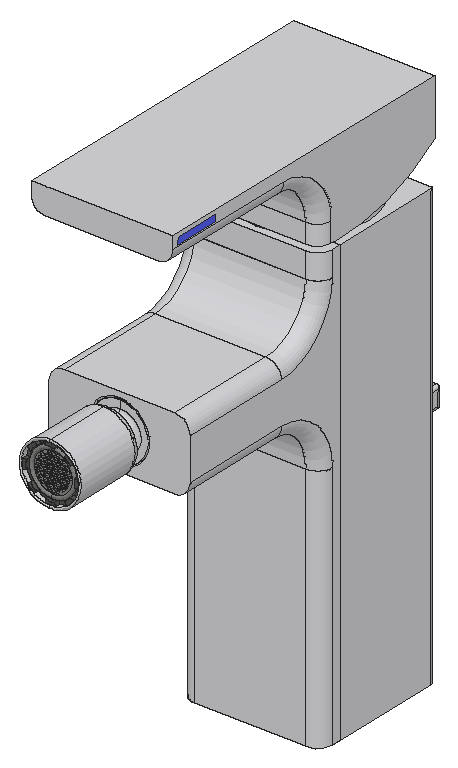
Revit family "Faucet-Bidet-KOHLER-STRAYT-98338D_1", category Plumbing Fixtures, host Face, Revit 2017
Family settings
  Host = Face
  Round Connector Dimension = Use Diameter
  Part Type = Normal
  OmniClass Number = 23.31.11.00
  OmniClass Title = Faucets
  Cut with Voids When Loaded = No
  Shared = No
  Room Calculation Point = No
Parameters (values of type "CP-Polished Chrome")
  Width = 1.81102"  # constant formula
  WaterSense Certified = 1 = 0  # no
  Waste Water Outlet = "Waste Water Outlet"  # constant formula
  Waste Connection = 1 = 0  # no
  Vent Connection = 1 = 0  # no
  URL = "https://www.kohler.co.uk/"
  Type = 1
  Spout Reach = 4.09449"  # constant formula
  Product Page URL = ""
  Product Name = "STRAYT"  # constant formula
  Product Documentation Link = ""
  Pressure = 60.00 psi  # constant formula
  Model = "98338D-CP"  # constant formula
  Material = "Brass Construction"  # constant formula
  Master Format 2014 Name = "Residential Faucets, Supplies, and Trim"  # constant formula
  Master Format 2014 = "22 41 39"  # constant formula
  Manufacturer Address = "Cromwell Road, Cheltenham, Gloucestershire. GL52 5EP Registered in England No. 252115"  # constant formula
  Manufacturer = "KOHLER Co."  # constant formula
  Length = Spout Reach  # 4.09449"
  Hot Water Inlet = "Hot Water Inlet"  # constant formula
  Height = 6.9685"  # constant formula
  Handle Clearance = 3.26772"  # constant formula
  HW Connection = 1 = 1  # yes
  Flow Rate = 1.5 GPM  # constant formula
  Finish = Kohler-Metal-CP-Polished_Chrome
  Environmental Product Declaration = ""
  Drain Included = 1 = 1  # yes
  Description = "BIDET SC MIXER WITH DRAIN, CHROME"  # constant formula
  Default Elevation = 36"
  Declare Label = ""
  Date Modified = "07/12/2021"  # constant formula
  Date Created = "07/12/2021"  # constant formula
  Copyright = "Copyright KOHLER Co."  # constant formula
  Contact Us = "https://www.kohler.co.uk/support/contact/"
  Cold Water Inlet = "Cold Water Inlet"  # constant formula
  CW Connection = 1 = 1  # yes
  Assembly Code = "D2010"
  ADA Compliant = 1 = 0  # no
Reference planes (in)
  plane 1 "Center (Front/Back)": y = 0
  plane 2: z = 0
  plane 3 "Center (Left/Right)": x = 0
  plane 4: x = -0.90551
  plane 5: x = 0.90551
  plane 6: x = 0.39453
  plane 7: x = -0.39453
  plane 8: y = -0.90551
  plane 9: y = 0.90551
  plane 10: z = 6.9685
  plane 11: y = 1.97326
  plane 12: z = 2.68261
  plane 13: y = -3.26772
  plane 14: y = -4.09449
  plane 15: z = 4.29134
  plane 16: x = 0.39453
  plane 17: x = -0.39453
Dimensions and locks (in)
  "Width": plane 4 to plane 5
  plane 9 to plane 8 = 1.81102"
  "Spout Reach": plane 1 "Center (Front/Back)" to plane 14
  "Handle Clearance": plane 1 "Center (Front/Back)" to plane 13
  "Height": plane 10 to level
  "Length": plane 14 to plane 1 "Center (Front/Back)"
  plane 12 to level = 2.68261"
  level to plane 15 = 4.29134"
  plane 1 "Center (Front/Back)" to plane 11 = 1.97326"
  aligned and locked: plane 2 to host face
  aligned and locked: level to host face
  aligned and locked: level to nested 1
Automatic sketch dimensions
  host sketch curve to host sketch curve = 96"  (x2)
Nested families (in)
  nested 1: "98338D" at (0, 0, 0), type "98338D"
Connectors (in)
  piping at (-0.39453, 0, 0), diameter 0.375, driven by "Pressure", driven by "HW Connection", driven by "Hot Water Inlet", driven by "Flow Rate"
    settings: on nested 1, index 1, connector inside diameter 24", connector length 0", flow factor 0, pipe flow 1.5 GPM, pressure drop 60.00 psi, fitting loss kfactor 0, connector angle 0.00°, fixture units 0, engagement length 0", angle of deflection 0.00°, flow configuration 1, flow direction 1, fitting loss method 4, system type 19, joint type 0, gender type 0, connector reference index -1, connector utility 1, adjustable connector no, is connector primary yes, connector description "Hot Water Inlet"
  piping at (0.39453, 0, 0), diameter 0.375, driven by "Flow Rate", driven by "Pressure", driven by "CW Connection", driven by "Cold Water Inlet"
    settings: on nested 1, index 2, connector inside diameter 24", connector length 0", flow factor 0, pipe flow 1.5 GPM, pressure drop 60.00 psi, fitting loss kfactor 0, connector angle 0.00°, fixture units 0, engagement length 0", angle of deflection 0.00°, flow configuration 1, flow direction 1, fitting loss method 4, system type 20, joint type 0, gender type 0, connector reference index -1, connector utility 1, adjustable connector no, is connector primary no, connector description "Cold Water Inlet"
Definition of nested family "98338D"
  Parameters (values of type "98338D")
    Material = none
  Reference planes (in)
    plane 1 "Center (Front/Back)": y = 0
    plane 2: z = 0
    plane 3 "Center (Left/Right)": x = 0
    plane 4: y = -4.64567
    plane 5: z = 6.9685
    plane 6: z = 4.29134
    plane 7: y = -4.09449
    plane 8: x = -0.39453
    plane 9: x = 0.39453
    plane 10: y = -3.26772
    plane 11: x = -0.90551
    plane 12: x = 0.90551
    plane 13: y = 0.90551
    plane 14: y = -0.90551
    plane 15: x = -0.66929
    plane 16: x = 0.66929
    plane 17: y = 1.65141
    plane 18: z = 4.05918
    plane 19: y = 1.97326
    plane 20: z = 0
  Forms (in)
    Extrusion 1, solid, material <- "Material", detail levels medium+fine
      sketch origin (0, 0, 0) x (1, 0, 0) y (0, 0, 1)
        loop
          line (-0.90551, 4.43311) -> (-0.90551, 4.1314) -> (0.90551, 4.1314) -> (0.90551, 4.43311) -> (-0.90551, 4.43311)
      from 0.59301 to 2.99213
    Sweep 2, solid, material <- "Material", detail levels medium+fine
      path origin (0, 0, 0) x (0, 1, 0) y (0, 0, 1)
        loop
          line (-2.99213, 3.8189) -> (-1.53481, 3.8189)
          arc (-1.53481, 3.8189) -> (-1.08983, 3.63458) -> (-0.90551, 3.1896) r 0.6293
          line (-0.90551, 3.1896) -> (-0.90551, 0)
      profile origin (0, -2.99213, 3.8189) x (0, 0, 1) y (1, 0, 0)
        loop
          line (0, 0.7102) -> (0, -0.70865)
          arc (0, -0.70865) -> (0.05766, -0.84785) -> (0.19686, -0.90551) r 0.19686
          line (0.19686, -0.90551) -> (0.3125, -0.90551) -> (0.3125, 0.90551) -> (0.19531, 0.90551)
          arc (0.19531, 0.90551) -> (0.05721, 0.84831) -> (0, 0.7102) r 0.19531
    Extrusion 3, solid, material <- "Material", detail levels medium+fine
      sketch origin (0, 0, 0) x (0, 1, 0) y (0, 0, 1)
        loop
          arc (-1.53481, 4.1314) -> (-0.86886, 3.85555) -> (-0.59301, 3.1896) r 0.9418
          line (-0.59301, 3.1896) -> (-0.59301, 4.1314) -> (-1.53481, 4.1314)
      from -0.90551 to 0.90551
    Sweep 4, solid, material <- "Material", detail levels medium+fine
      path origin (0, 0, 0) x (0, 1, 0) y (0, 0, 1)
        loop
          line (-0.90551, 5.68897) -> (-0.90551, 5.37285)
          arc (-0.90551, 5.37285) -> (-1.08967, 4.92825) -> (-1.53427, 4.74409) r 0.62875
          line (-1.53427, 4.74409) -> (-2.99213, 4.74409)
      profile origin (0, -2.99213, 4.74409) x (0, 0, -1) y (1, 0, 0)
        loop
          line (0, 0.7102) -> (0, -0.70875)
          arc (0, -0.70875) -> (0.05763, -0.84788) -> (0.19677, -0.90551) r 0.19677
          line (0.19677, -0.90551) -> (0.31099, -0.90551) -> (0.31099, 0.90551) -> (0.19531, 0.90551)
          arc (0.19531, 0.90551) -> (0.05721, 0.84831) -> (0, 0.7102) r 0.19531
    Extrusion 5, solid, material <- "Material", detail levels medium+fine
      sketch origin (0, 0, 0) x (0, 1, 0) y (0, 0, 1)
        loop
          arc (-0.59453, 5.37285) -> (-0.86977, 4.70835) -> (-1.53427, 4.43311) r 0.93974
          line (-1.53427, 4.43311) -> (-0.59453, 4.43311) -> (-0.59453, 5.37285)
      from -0.90551 to 0.90551
    Revolve 6, solid, material <- "Material"
      sketch origin (0, 0, 0) x (0, 1, 0) y (0, 0, 1)
        loop
          line (0.00002, 5.68897) -> (0.80709, 5.68897) -> (0.80709, 5.76756)
          arc (0.80709, 5.76756) -> (0.78207, 5.96101) -> (0.70866, 6.14173) r 0.76042
          line (0.70866, 6.14173) -> (0.00002, 6.14173) -> (0.00002, 5.68897)
        axis (0.00002, 5.68897) -> (0.00002, 6.14173)
      angle from 0 to 360
    Extrusion 7, solid, material <- "Material", detail levels medium+fine
      sketch origin (0, 0, 0) x (0, 1, 0) y (0, 0, 1)
        loop
          line (0.92333, 6.9685) -> (-3.27062, 6.9685) -> (-3.27062, 6.87405) -> (-1.51083, 6.87405)
          arc (-1.51083, 6.87405) -> (-0.91432, 6.62697) -> (-0.66724, 6.03046) r 0.84359
          line (-0.66724, 6.03046) -> (-0.66724, 5.77559)
          arc (-0.66724, 5.77559) -> (0.16034, 5.87182) -> (0.90894, 6.23755) r 2.47169
          arc (0.90894, 6.23755) -> (0.91952, 6.24985) -> (0.92333, 6.26563) r 0.0346
          line (0.92333, 6.26563) -> (0.92333, 6.9685)
      from -0.90551 to 0.90551
    Sweep 8, solid, material <- "Material", detail levels medium+fine
      path origin (0, 0, 0) x (0, 1, 0) y (0, 0, 1)
        loop
          line (-3.27062, 6.62421) -> (-1.51083, 6.62421)
          arc (-1.51083, 6.62421) -> (-1.09099, 6.45031) -> (-0.91708, 6.03046) r 0.59375
          line (-0.91708, 6.03046) -> (-0.91708, 5.77559)
      profile origin (0, -3.27062, 6.62421) x (0, 0, 1) y (1, 0, 0)
        loop
          line (0.18491, -0.90551) -> (0.24984, -0.90551) -> (0.24984, 0.90551) -> (0.18359, 0.90551)
          arc (0.18359, 0.90551) -> (0.05377, 0.85174) -> (0, 0.72192) r 0.18359
          line (0, 0.72192) -> (0, -0.7206)
          arc (0, -0.7206) -> (0.05416, -0.85135) -> (0.18491, -0.90551) r 0.18491
    Extrusion 9, solid, detail levels medium+fine
      sketch origin (0, 0, 0) x (0, 1, 0) y (0, 0, 1)
        loop
          line (-3.18809, 6.91405) -> (-3.18878, 6.83405) -> (-2.59809, 6.83405) -> (-2.59809, 6.91405) -> (-3.18809, 6.91405)
      from -0.85655 to -0.90551
    Extrusion 10, solid, detail levels medium+fine
      sketch origin (1.69492, 0, 0) x (0, 1, 0) y (0, 0, 1)
        loop
          line (-3.18809, 6.91405) -> (-3.18878, 6.83405) -> (-2.59809, 6.83405) -> (-2.59809, 6.91405) -> (-3.18809, 6.91405)
      from -0.83535 to -0.78941
    Extrusion 11, void
      sketch origin (0, 0, 0) x (0, 1, 0) y (0, 0, 1)
        loop
          line (-3.18809, 6.91405) -> (-3.18878, 6.83405) -> (-2.59809, 6.83405) -> (-2.59809, 6.91405) -> (-3.18809, 6.91405)
      from -0.93874 to -0.85655
    Extrusion 12, solid, material <- "Material", detail levels medium+fine
      sketch origin (0, 0, 0) x (1, 0, 0) y (0, 1, 0)
        loop
          circle (-0.39453, 0) r 0.23622
        loop
          circle (0.39453, 0) r 0.23622
      from 0 to 0.04179
    Extrusion 13, solid, material <- "Material", detail levels medium+fine
      sketch origin (0, 0, 0) x (1, 0, 0) y (0, 1, 0)
        loop
          line (0.86625, 0.90551) -> (-0.86645, 0.90551)
          arc (-0.86645, 0.90551) -> (-0.89407, 0.89407) -> (-0.90551, 0.86645) r 0.03906
          line (-0.90551, 0.86645) -> (-0.90551, -0.70916)
          arc (-0.90551, -0.70916) -> (-0.848, -0.848) -> (-0.70916, -0.90551) r 0.19635
          line (-0.70916, -0.90551) -> (0.7102, -0.90551)
          arc (0.7102, -0.90551) -> (0.84831, -0.84831) -> (0.90551, -0.7102) r 0.19531
          line (0.90551, -0.7102) -> (0.90551, 0.86625)
          arc (0.90551, 0.86625) -> (0.89401, 0.89401) -> (0.86625, 0.90551) r 0.03926
      from 0 to 5.68897
    Sweep 14, solid, material <- "Material"
      path origin (0, 0, 0) x (0, 1, 0) y (0, 0, 1)
        loop
          line (1.21191, 2.64324) -> (1.05288, 2.26858) -> (1.23408, 2.19167) -> (1.32213, 2.39909)
          arc (1.32213, 2.39909) -> (1.35074, 2.4335) -> (1.39359, 2.44639) r 0.07763
          line (1.39359, 2.44639) -> (1.93389, 2.44639) -> (1.93389, 2.64324) -> (1.21191, 2.64324)
      profile origin (0, 1.5729, 2.64324) x (0, 0, 1) y (1, 0, 0)
        loop
          line (0, 0.13778) -> (0, -0.13779)
          arc (0, -0.13779) -> (0.02783, -0.12639) -> (0.03937, -0.09862) r 0.03918
          line (0.03937, -0.09862) -> (0.03937, 0.09947)
          arc (0.03937, 0.09947) -> (0.02777, 0.12694) -> (0, 0.13778) r 0.03833
    Extrusion 15, solid, material <- "Material"
      sketch origin (0, 0, 0) x (0, 1, 0) y (0, 0, 1)
        loop
          line (1.93389, 2.64324) -> (1.21191, 2.64324) -> (1.05288, 2.26858) -> (1.23408, 2.19167) -> (1.32213, 2.39909)
          arc (1.32213, 2.39909) -> (1.35074, 2.4335) -> (1.39359, 2.44639) r 0.07763
          line (1.39359, 2.44639) -> (1.93389, 2.44639) -> (1.93389, 2.64324)
      from -0.13779 to 0.13778
    Revolve 16, solid, material <- "Material"
      sketch origin (0, 0, 0) x (0, 1, 0) y (0, 0, 1)
        loop
          line (1.2069, 2.20321) -> (1.14348, 2.23013) -> (0.56, 0.85553) -> (0.62342, 0.82861) -> (1.2069, 2.20321)
        axis (1.14348, 2.23013) -> (0.56, 0.85553)
      angle from 0 to 360
    Revolve 17, void
      sketch origin (0, 0, 0) x (0, 1, 0) y (0, 0, 1)
        loop
          line (1.22801, 2.15148) -> (1.1281, 2.19389) -> (0.54462, 0.81929) -> (0.64453, 0.77688) -> (1.22801, 2.15148)
        axis (1.1281, 2.19389) -> (0.54462, 0.81929)
      angle from 0 to 360
    Extrusion 18, void
      sketch origin (0, 0, 0) x (0, 1, 0) y (0, 0, -1)
        loop
          line (-3.18809, -6.91405) -> (-2.59809, -6.91405) -> (-2.59809, -6.83405) -> (-3.18878, -6.83405) -> (-3.18809, -6.91405)
      from -0.93045 to -0.85957
    Extrusion 19, void
      sketch origin (0, 0, 0) x (1, 0, 0) y (0, 0, 1)
        loop
          circle (0, 6.48406) r 0.22057
        loop
          circle (0, 6.48406) r 0.20365
      from -1.23952 to -0.67602
    Revolve 20, solid, material <- "Material", detail levels medium+fine
      sketch origin (0, 0.61417, 0.54134) x (0, 1, 0) y (0, 0, 1)
        loop
          arc (-4.71365, 4.13375) -> (-4.72514, 4.12225) -> (-4.71365, 4.11076) r 0.01149
          line (-4.71365, 4.11076) -> (-4.56731, 4.11076) -> (-4.56731, 3.74016) -> (-3.53937, 3.74016) -> (-3.53937, 4.10433) -> (-3.60236, 4.10433) -> (-3.60236, 4.0052)
          arc (-3.60236, 4.0052) -> (-3.62523, 3.95001) -> (-3.68043, 3.92714) r 0.07806
          line (-3.68043, 3.92714) -> (-3.77953, 3.92714) -> (-3.77953, 4.05606)
          arc (-3.77953, 4.05606) -> (-3.80228, 4.11099) -> (-3.85721, 4.13375) r 0.07769
          line (-3.85721, 4.13375) -> (-4.71365, 4.13375)
        axis (-3.53937, 3.74016) -> (-4.71365, 3.74016)
      angle from 0 to 360
    Revolve 21, solid, detail levels medium+fine
      sketch origin (0, 0.61417, 0.54134) x (0, 1, 0) y (0, 0, 1)
        loop
          line (-4.56731, 3.74016) -> (-4.56731, 4.04293) -> (-4.66774, 4.04293)
          arc (-4.66774, 4.04293) -> (-4.69119, 4.01735) -> (-4.66368, 3.9962) r 0.02354
          line (-4.66368, 3.9962) -> (-4.66368, 3.74016) -> (-4.56731, 3.74016)
        axis (-4.66774, 3.74016) -> (-4.56731, 3.74016)
      angle from 0 to 360
    Extrusion 22, void
      sketch origin (0, 0.61417, 0.54134) x (1, 0, 0) y (0, 0, 1)
        loop
          circle (0, 3.74016) r 0.02362
        loop
          circle (0.05512, 3.74016) r 0.02362
        loop
          circle (0.11024, 3.74016) r 0.02362
        loop
          circle (0.16535, 3.74016) r 0.02362
        loop
          circle (0.22047, 3.74016) r 0.02362
        loop
          circle (-0.05512, 3.74016) r 0.02362
        loop
          circle (-0.11024, 3.74016) r 0.02362
        loop
          circle (-0.16535, 3.74016) r 0.02362
        loop
          circle (-0.22047, 3.74016) r 0.02362
        loop
          circle (0.02362, 3.79528) r 0.02362
        loop
          circle (0.07874, 3.79528) r 0.02362
        loop
          circle (0.13386, 3.79528) r 0.02362
        loop
          circle (0.18898, 3.79528) r 0.02362
        loop
          circle (-0.0315, 3.79528) r 0.02362
        loop
          circle (-0.08661, 3.79528) r 0.02362
        loop
          circle (-0.14173, 3.79528) r 0.02362
        loop
          circle (-0.19685, 3.79528) r 0.02362
        loop
          circle (0, 3.84646) r 0.02362
        loop
          circle (0.05512, 3.84646) r 0.02362
        loop
          circle (0.11024, 3.84646) r 0.02362
        loop
          circle (0.16535, 3.84646) r 0.02362
        loop
          circle (-0.05512, 3.84646) r 0.02362
        loop
          circle (-0.11024, 3.84646) r 0.02362
        loop
          circle (-0.16535, 3.84646) r 0.02362
        loop
          circle (0.02362, 3.90157) r 0.02362
        loop
          circle (0.07874, 3.90157) r 0.02362
        loop
          circle (0.13386, 3.90157) r 0.02362
        loop
          circle (-0.0315, 3.90157) r 0.02362
        loop
          circle (-0.08661, 3.90157) r 0.02362
        loop
          circle (-0.14173, 3.90157) r 0.02362
        loop
          circle (0.02362, 3.68504) r 0.02362
        loop
          circle (0.07874, 3.68504) r 0.02362
        loop
          circle (0.13386, 3.68504) r 0.02362
        loop
          circle (0.18898, 3.68504) r 0.02362
        loop
          circle (-0.0315, 3.68504) r 0.02362
        loop
          circle (-0.08661, 3.68504) r 0.02362
        loop
          circle (-0.14173, 3.68504) r 0.02362
        loop
          circle (-0.19685, 3.68504) r 0.02362
        loop
          circle (0, 3.63386) r 0.02362
        loop
          circle (0.05512, 3.63386) r 0.02362
        loop
          circle (0.11024, 3.63386) r 0.02362
        loop
          circle (0.16535, 3.63386) r 0.02362
        loop
          circle (-0.05512, 3.63386) r 0.02362
        loop
          circle (-0.11024, 3.63386) r 0.02362
        loop
          circle (-0.16535, 3.63386) r 0.02362
        loop
          circle (0.02362, 3.57874) r 0.02362
        loop
          circle (0.07874, 3.57874) r 0.02362
        loop
          circle (0.13386, 3.57874) r 0.02362
        loop
          circle (-0.0315, 3.57874) r 0.02362
        loop
          circle (-0.08661, 3.57874) r 0.02362
        loop
          circle (-0.14173, 3.57874) r 0.02362
        loop
          circle (0, 3.95276) r 0.02362
        loop
          circle (0.05512, 3.95276) r 0.02362
        loop
          circle (-0.05512, 3.95276) r 0.02362
        loop
          circle (0, 3.52756) r 0.02362
        loop
          circle (0.05512, 3.52756) r 0.02362
        loop
          circle (-0.05512, 3.52756) r 0.02362
      from 4.55049 to 4.72441
    Extrusion 23, void
      sketch origin (0, 0.61417, 0.54134) x (1, 0, 0) y (0, 0, 1)
        loop
          line (-0.05467, 4.05023) -> (-0.06231, 4.09354)
          arc (-0.06231, 4.09354) -> (-0.13732, 4.07168) -> (-0.20582, 4.0341) r 0.35884
          line (-0.20582, 4.0341) -> (-0.18059, 3.99807)
          arc (-0.18059, 3.99807) -> (-0.12049, 4.03104) -> (-0.05467, 4.05023) r 0.31485
        loop
          line (0.06231, 4.09354) -> (0.05467, 4.05023)
          arc (0.05467, 4.05023) -> (0.12049, 4.03104) -> (0.18059, 3.99807) r 0.31485
          line (0.18059, 3.99807) -> (0.20582, 4.0341)
          arc (0.20582, 4.0341) -> (0.13732, 4.07168) -> (0.06231, 4.09354) r 0.35884
        loop
          line (-0.35339, 3.80247) -> (-0.31007, 3.79483)
          arc (-0.31007, 3.79483) -> (-0.29089, 3.86065) -> (-0.25791, 3.92075) r 0.31485
          line (-0.25791, 3.92075) -> (-0.29394, 3.94598)
          arc (-0.29394, 3.94598) -> (-0.33152, 3.87748) -> (-0.35339, 3.80247) r 0.35884
        loop
          line (-0.31007, 3.68548) -> (-0.35339, 3.67785)
          arc (-0.35339, 3.67785) -> (-0.33152, 3.60284) -> (-0.29394, 3.53434) r 0.35884
          line (-0.29394, 3.53434) -> (-0.25791, 3.55957)
          arc (-0.25791, 3.55957) -> (-0.29089, 3.61967) -> (-0.31007, 3.68548) r 0.31485
        loop
          line (0.31007, 3.79483) -> (0.35339, 3.80247)
          arc (0.35339, 3.80247) -> (0.33152, 3.87748) -> (0.29394, 3.94598) r 0.35884
          line (0.29394, 3.94598) -> (0.25791, 3.92075)
          arc (0.25791, 3.92075) -> (0.29089, 3.86065) -> (0.31007, 3.79483) r 0.31485
        loop
          line (0.35339, 3.67785) -> (0.31007, 3.68548)
          arc (0.31007, 3.68548) -> (0.29089, 3.61967) -> (0.25791, 3.55957) r 0.31485
          line (0.25791, 3.55957) -> (0.29394, 3.53434)
          arc (0.29394, 3.53434) -> (0.33152, 3.60284) -> (0.35339, 3.67785) r 0.35884
        loop
          line (0.20582, 3.44622) -> (0.18059, 3.48225)
          arc (0.18059, 3.48225) -> (0.12049, 3.44927) -> (0.05467, 3.43009) r 0.31485
          line (0.05467, 3.43009) -> (0.06231, 3.38677)
          arc (0.06231, 3.38677) -> (0.13732, 3.40864) -> (0.20582, 3.44622) r 0.35884
        loop
          line (-0.06231, 3.38677) -> (-0.05467, 3.43009)
          arc (-0.05467, 3.43009) -> (-0.12049, 3.44927) -> (-0.18059, 3.48225) r 0.31485
          line (-0.18059, 3.48225) -> (-0.20582, 3.44622)
          arc (-0.20582, 3.44622) -> (-0.13732, 3.40864) -> (-0.06231, 3.38677) r 0.35884
      from 4.65184 to 4.77613
    Revolve 24, solid, detail levels medium+fine
      sketch origin (0, -0.5785, 0.54134) x (0, 1, 0) y (0, 0, 1)
        loop
          line (-3.37459, 4.09899) -> (-3.52278, 4.09899) -> (-3.52278, 4.05501) -> (-3.37459, 4.05501) -> (-3.37459, 4.09899)
        axis (-3.37459, 3.74016) -> (-3.52278, 3.74016)
      angle from 0 to 360
    Revolve 25, void
      sketch origin (0, 0.61417, 0.54134) x (0, 1, 0) y (0, 0, 1)
        loop
          line (-3.52914, 4.1083) -> (-3.58676, 4.1083) -> (-3.61168, 4.13322) -> (-3.61168, 3.74016) -> (-3.52914, 3.74016) -> (-3.52914, 4.1083)
        axis (-3.52914, 3.74016) -> (-3.61168, 3.74016)
      angle from 0 to 360
    Extrusion 26, solid, material <- "Material", detail levels coarse
      sketch origin (0, 0, 0) x (1, 0, 0) y (0, 1, 0)
        loop
          line (0.86625, 0.90551) -> (-0.86645, 0.90551)
          arc (-0.86645, 0.90551) -> (-0.89407, 0.89407) -> (-0.90551, 0.86645) r 0.03906
          line (-0.90551, 0.86645) -> (-0.90551, -0.70916)
          arc (-0.90551, -0.70916) -> (-0.848, -0.848) -> (-0.70916, -0.90551) r 0.19635
          line (-0.70916, -0.90551) -> (0.7102, -0.90551)
          arc (0.7102, -0.90551) -> (0.84831, -0.84831) -> (0.90551, -0.7102) r 0.19531
          line (0.90551, -0.7102) -> (0.90551, 0.86625)
          arc (0.90551, 0.86625) -> (0.89401, 0.89401) -> (0.86625, 0.90551) r 0.03926
      from 0 to 5.68897
    Extrusion 27, solid, material <- "Material", detail levels coarse
      sketch origin (0, 0, 0) x (0, 1, 0) y (0, 0, 1)
        loop
          line (0.92333, 6.9685) -> (-3.27062, 6.9685) -> (-3.27062, 6.62421) -> (-1.51195, 6.62421)
          arc (-1.51195, 6.62421) -> (-1.09132, 6.44998) -> (-0.91708, 6.02934) r 0.59487
          line (-0.91708, 6.02934) -> (-0.91708, 5.77559) -> (-0.66724, 5.77559)
          arc (-0.66724, 5.77559) -> (0.16887, 5.87433) -> (0.92333, 6.24798) r 2.47169
          line (0.92333, 6.24798) -> (0.92333, 6.9685)
      from -0.90551 to 0.90551
    Extrusion 28, solid, material <- "Material", detail levels coarse
      sketch origin (0, 0, 0) x (1, 0, 0) y (0, 0, 1)
        loop
          line (0.70093, 4.74409) -> (-0.70093, 4.74409)
          arc (-0.70093, 4.74409) -> (-0.84007, 4.68646) -> (-0.8977, 4.54733) r 0.19677
          line (-0.8977, 4.54733) -> (-0.8977, 4.01576)
          arc (-0.8977, 4.01576) -> (-0.84004, 3.87656) -> (-0.70084, 3.8189) r 0.19686
          line (-0.70084, 3.8189) -> (0.70084, 3.8189)
          arc (0.70084, 3.8189) -> (0.84004, 3.87656) -> (0.8977, 4.01576) r 0.19686
          line (0.8977, 4.01576) -> (0.8977, 4.54733)
          arc (0.8977, 4.54733) -> (0.84007, 4.68646) -> (0.70093, 4.74409) r 0.19677
      from 0.59453 to 2.99213
    Revolve 29, solid, material <- "Material", detail levels coarse
      sketch origin (0, 0.61417, 0.54134) x (0, 1, 0) y (0, 0, 1)
        loop
          line (-4.72511, 4.13375) -> (-4.72511, 3.74016) -> (-3.53937, 3.74016) -> (-3.53937, 3.92714) -> (-3.77953, 3.92714) -> (-3.77953, 4.05606)
          arc (-3.77953, 4.05606) -> (-3.80228, 4.11099) -> (-3.85721, 4.13375) r 0.07769
          line (-3.85721, 4.13375) -> (-4.72511, 4.13375)
        axis (-3.53937, 3.74016) -> (-4.72511, 3.74016)
      angle from 0 to 360
  Cuts and joins
    Extrusion 18 cuts Extrusion 9
    joined: Revolve 6, Sweep 14, Extrusion 15, Revolve 16
    Revolve 17 cuts Extrusion 13
    Revolve 25 cuts Extrusion 1
    Revolve 25 cuts Sweep 2
    Revolve 25 cuts Extrusion 3
    Revolve 25 cuts Sweep 4
    Revolve 25 cuts Extrusion 5
    joined: Extrusion 1, Sweep 2, Extrusion 3, Sweep 4, Extrusion 5
    Extrusion 11, Extrusion 18, Extrusion 19 cuts Extrusion 7
    Extrusion 11, Extrusion 18 cuts Sweep 8
    joined: Extrusion 7, Sweep 8
    Extrusion 22 cuts Revolve 21
    Extrusion 23 cuts Revolve 20
    Extrusion 23 cuts Revolve 24
  Lines and regions (in)
    Masking region 1
      outline origin (0, 0, 0) x (1, 0, 0) y (0, 0, 1)
        loop
          line (-0.88555, 0) -> (0.88555, 0)
          arc (0.88555, 0) -> (0.89966, 0.00585) -> (0.90551, 0.01996) r 0.01996
          line (0.90551, 0.01996) -> (0.90551, 5.66895)
          arc (0.90551, 5.66895) -> (0.89965, 5.68311) -> (0.88548, 5.68898) r 0.02003
          line (0.88548, 5.68898) -> (0.80709, 5.68898) -> (0.80709, 5.77559) -> (0.90551, 5.77559) -> (0.90551, 6.93725)
          arc (0.90551, 6.93725) -> (0.89984, 6.9512) -> (0.88605, 6.95722) r 0.01997
          arc (0.88605, 6.95722) -> (0, 6.9685) -> (-0.88605, 6.95722) r 34.80373
          arc (-0.88605, 6.95722) -> (-0.89984, 6.9512) -> (-0.90551, 6.93725) r 0.01997
          line (-0.90551, 6.93725) -> (-0.90551, 5.77559) -> (-0.80709, 5.77559) -> (-0.80709, 5.68898) -> (-0.88548, 5.68898)
          arc (-0.88548, 5.68898) -> (-0.89965, 5.68311) -> (-0.90551, 5.66895) r 0.02003
          line (-0.90551, 5.66895) -> (-0.90551, 0.01996)
          arc (-0.90551, 0.01996) -> (-0.89966, 0.00585) -> (-0.88555, 0) r 0.01996
    Masking region 2
      outline origin (0, 0, 0) x (0, 1, 0) y (0, 0, 1)
        loop
          arc (0.88536, 0) -> (0.89961, 0.0059) -> (0.90551, 0.02016) r 0.02016
          line (0.90551, 0.02016) -> (0.90551, 1.49319) -> (1.19151, 2.16697) -> (1.22829, 2.15136)
          arc (1.22829, 2.15136) -> (1.25045, 2.15117) -> (1.26625, 2.1667) r 0.02895
          line (1.26625, 2.1667) -> (1.35808, 2.38303)
          arc (1.35808, 2.38303) -> (1.37259, 2.40048) -> (1.39432, 2.40702) r 0.03937
          line (1.39432, 2.40702) -> (1.93474, 2.40702)
          arc (1.93474, 2.40702) -> (1.96198, 2.4183) -> (1.97326, 2.44554) r 0.03852
          line (1.97326, 2.44554) -> (1.97326, 2.64324)
          arc (1.97326, 2.64324) -> (1.96173, 2.67108) -> (1.93389, 2.68261) r 0.03937
          line (1.93389, 2.68261) -> (1.21068, 2.68261)
          arc (1.21068, 2.68261) -> (1.18998, 2.67638) -> (1.17616, 2.65976) r 0.0375
          line (1.17616, 2.65976) -> (1.01321, 2.27588)
          arc (1.01321, 2.27588) -> (1.013, 2.25247) -> (1.02941, 2.23578) r 0.03058
          line (1.02941, 2.23578) -> (1.06469, 2.2208) -> (0.90551, 1.84581) -> (0.90551, 5.66921)
          arc (0.90551, 5.66921) -> (0.89972, 5.68319) -> (0.88574, 5.68898) r 0.01977
          line (0.88574, 5.68898) -> (0.80709, 5.68898) -> (0.80709, 5.76853)
          arc (0.80709, 5.76853) -> (0.78545, 5.94737) -> (0.72177, 6.11589) r 0.7498
          arc (0.72177, 6.11589) -> (0.81564, 6.17247) -> (0.90551, 6.23521) r 1.63893
          line (0.90551, 6.23521) -> (0.90551, 6.9685) -> (-3.24535, 6.9685)
          arc (-3.24535, 6.9685) -> (-3.26117, 6.96195) -> (-3.26772, 6.94614) r 0.02236
          line (-3.26772, 6.94614) -> (-3.26772, 6.64714)
          arc (-3.26772, 6.64714) -> (-3.26116, 6.6313) -> (-3.24532, 6.62475) r 0.02239
          line (-3.24532, 6.62475) -> (-1.52157, 6.62475)
          arc (-1.52157, 6.62475) -> (-1.08595, 6.44431) -> (-0.90551, 6.00869) r 0.61606
          line (-0.90551, 6.00869) -> (-0.90551, 5.77559) -> (-0.80709, 5.77559) -> (-0.80709, 5.68898) -> (-0.88564, 5.68898)
          arc (-0.88564, 5.68898) -> (-0.89969, 5.68316) -> (-0.90551, 5.6691) r 0.01987
          line (-0.90551, 5.6691) -> (-0.90551, 5.37353)
          arc (-0.90551, 5.37353) -> (-1.08987, 4.92845) -> (-1.53495, 4.74409) r 0.62944
          line (-1.53495, 4.74409) -> (-2.95366, 4.74409)
          arc (-2.95366, 4.74409) -> (-2.98086, 4.73283) -> (-2.99213, 4.70563) r 0.03846
          line (-2.99213, 4.70563) -> (-2.99213, 4.53897)
          arc (-2.99213, 4.53897) -> (-3.01282, 4.48901) -> (-3.06277, 4.46832) r 0.07064
          line (-3.06277, 4.46832) -> (-3.16535, 4.46832) -> (-3.16535, 4.59676)
          arc (-3.16535, 4.59676) -> (-3.18833, 4.65222) -> (-3.24379, 4.6752) r 0.07844
          line (-3.24379, 4.6752) -> (-4.09449, 4.6752) -> (-4.09449, 3.8878) -> (-3.24392, 3.8878)
          arc (-3.24392, 3.8878) -> (-3.18837, 3.91081) -> (-3.16535, 3.96636) r 0.07857
          line (-3.16535, 3.96636) -> (-3.16535, 4.09436) -> (-3.06206, 4.09436)
          arc (-3.06206, 4.09436) -> (-3.01261, 4.07388) -> (-2.99213, 4.02443) r 0.06994
          line (-2.99213, 4.02443) -> (-2.99213, 3.8575)
          arc (-2.99213, 3.8575) -> (-2.98082, 3.8302) -> (-2.95352, 3.8189) r 0.03861
          line (-2.95352, 3.8189) -> (-1.53596, 3.8189)
          arc (-1.53596, 3.8189) -> (-1.09017, 3.63424) -> (-0.90551, 3.18845) r 0.63045
          line (-0.90551, 3.18845) -> (-0.90551, 0.02098)
          arc (-0.90551, 0.02098) -> (-0.89937, 0.00614) -> (-0.88453, 0) r 0.02098
          line (-0.88453, 0) -> (0.88536, 0)
    Masking region 3
      outline origin (0, 0, 0) x (1, 0, 0) y (0, 1, 0)
        loop
          arc (-0.87871, 0.90551) -> (-0.89766, 0.89766) -> (-0.90551, 0.87871) r 0.0268
          line (-0.90551, 0.87871) -> (-0.90551, -3.24422)
          arc (-0.90551, -3.24422) -> (-0.89863, -3.26083) -> (-0.88201, -3.26772) r 0.0235
          line (-0.88201, -3.26772) -> (-0.39453, -3.26772) -> (-0.39453, -4.09449) -> (0.39453, -4.09449) -> (0.39453, -3.26772) -> (0.88241, -3.26772)
          arc (0.88241, -3.26772) -> (0.89874, -3.26095) -> (0.90551, -3.24461) r 0.02311
          line (0.90551, -3.24461) -> (0.90551, 0.87874)
          arc (0.90551, 0.87874) -> (0.89767, 0.89767) -> (0.87874, 0.90551) r 0.02677
          line (0.87874, 0.90551) -> (0.06901, 0.90551) -> (0.06901, 1.01664) -> (0.1006, 1.01664)
          arc (0.1006, 1.01664) -> (0.1269, 1.02754) -> (0.1378, 1.05384) r 0.03719
          line (0.1378, 1.05384) -> (0.1378, 1.93388)
          arc (0.1378, 1.93388) -> (0.12626, 1.96172) -> (0.09842, 1.97326) r 0.03938
          line (0.09842, 1.97326) -> (-0.09942, 1.97326)
          arc (-0.09942, 1.97326) -> (-0.12656, 1.96202) -> (-0.1378, 1.93489) r 0.03837
          line (-0.1378, 1.93489) -> (-0.1378, 1.05001)
          arc (-0.1378, 1.05001) -> (-0.12712, 1.02633) -> (-0.10302, 1.01664) r 0.03481
          line (-0.10302, 1.01664) -> (-0.06901, 1.01664) -> (-0.06901, 0.90551) -> (-0.87871, 0.90551)
    symbolic lines, detail levels medium+fine
      curve 1: line (-0.09843, 1.21191, 0) -> (-0.09843, 1.97326, 0)
      curve 2: line (-0.1378, 1.93389, 0) -> (0.1378, 1.93389, 0)
      curve 3: line (0.09843, 1.97326, 0) -> (0.09843, 1.21191, 0)
      curve 4: line (0.1378, 1.21191, 0) -> (-0.1378, 1.21191, 0)
      curve 5: line (-0.09843, 1.01664, 0) -> (-0.09843, 1.21191, 0)
      curve 6: line (0.09843, 1.01664, 0) -> (0.09843, 1.21191, 0)
      curve 7: line (0.09843, 1.17567, 0) -> (-0.09843, 1.17567, 0)
      curve 8: line (0.90551, 0.87795, 0) -> (0.1378, 0.87795, 0)
      curve 9: line (-0.87795, 0.90551, 0) -> (-0.87795, -3.26772, 0)
      curve 10: line (0.87795, 0.90551, 0) -> (0.87795, -3.26772, 0)
      curve 11: line (0.1378, 0.87795, 0) -> (-0.90551, 0.87795, 0)
      curve 12: arc (-0.09843, 1.17567, 0) -> (-0.12518, 1.18611, 0) -> (-0.1378, 1.21191, 0) r 0.03951
      curve 13: arc (0.09843, 1.17567, 0) -> (0.12518, 1.18611, 0) -> (0.1378, 1.21191, 0) r 0.03951
      curve 14: line (-0.06901, 1.01664, 0) -> (0.06901, 1.01664, 0)
      curve 15: line (-0.06901, 0.90551, 0) -> (0.06901, 0.90551, 0)
      curve 16: line (-0.90515, -3.24834, 0) -> (0.90521, -3.24834, 0)
      curve 17: line (-0.39453, -3.26772, 0) -> (0.39453, -3.26772, 0)
      curve 18: line (-0.70866, 0, 0) -> (-0.70866, 0, 3.85827)
      curve 19: line (0.90551, 0, 0.01969) -> (-0.90551, 0, 0.01969)
      curve 20: line (0.90551, 0, 3.18898) -> (-0.90551, 0, 3.18898)
      curve 21: line (-0.70866, 0, 3.8189) -> (0.70866, 0, 3.8189)
      curve 22: line (-0.70882, 0, 3.85827) -> (0.70866, 0, 3.85827)
      curve 23: line (-0.86614, 0, 4.54581) -> (-0.86614, 0, 4.01559)
      curve 24: arc (-0.86614, 0, 4.01559) -> (-0.82006, 0, 3.90435) -> (-0.70882, 0, 3.85827) r 0.15732
      curve 25: arc (-0.90551, 0, 4.00938) -> (-0.84562, 0, 3.87432) -> (-0.70866, 0, 3.8189) r 0.19696
      curve 26: line (-0.86614, 0, 4.01559) -> (-0.90551, 0, 4.01559)
      curve 27: line (0.70866, 0, 4.70472) -> (-0.70723, 0, 4.70472)
      curve 28: line (0.70866, 0, 4.74409) -> (-0.70866, 0, 4.74409)
      curve 29: arc (-0.70723, 0, 4.70472) -> (-0.8196, 0, 4.65818) -> (-0.86614, 0, 4.54581) r 0.15891
      curve 30: arc (-0.70866, 0, 4.74409) -> (-0.84836, 0, 4.68593) -> (-0.90551, 0, 4.54581) r 0.19685
      curve 31: line (-0.86614, 0, 4.54581) -> (-0.90551, 0, 4.54581)
      curve 32: line (-0.90551, 0, 5.37402) -> (0.90551, 0, 5.37402)
      curve 33: line (-0.70866, 0, 4.70472) -> (-0.70866, 0, 5.68898)
      curve 34: line (0.88583, 0, 5.68898) -> (-0.88583, 0, 5.68898)
      curve 35: line (-0.90551, 0, 5.66929) -> (0.90551, 0, 5.66929)
      curve 36: line (-0.80709, 0, 5.77559) -> (0.91582, 0, 5.77559)
      curve 37: line (-0.80709, 0, 5.76707) -> (0.80709, 0, 5.76707)
      curve 38: line (-0.87927, 0, 6.80532) -> (-0.87795, 0, 6.95743)
      curve 39: arc (-0.71698, 0, 6.63597) -> (0, 0, 6.62496) -> (0.71698, 0, 6.63601) r 23.3094
      curve 40: arc (-0.74454, 0, 6.66484) -> (0.00175, 0, 6.65253) -> (0.74803, 0, 6.66499) r 22.49468
      curve 41: arc (-0.74454, 0, 6.66484) -> (-0.8405, 0, 6.70765) -> (-0.87927, 0, 6.80532) r 0.13934
      curve 42: arc (-0.80803, 0, 6.65343) -> (-0.7632, 0, 6.64108) -> (-0.71698, 0, 6.63597) r 0.29325
      curve 43: arc (-0.90551, 0, 6.79507) -> (-0.87945, 0, 6.70864) -> (-0.80803, 0, 6.65343) r 0.14801
      curve 44: line (-0.71678, 0, 6.66393) -> (-0.72292, 0, 5.77559)
      curve 45: arc (-0.90551, 0, 6.93715) -> (0, 0, 6.95476) -> (0.90551, 0, 6.93715) r 23.29804
      curve 46: line (0.70866, 0, 0) -> (0.70866, 0, 3.85827)
      curve 47: line (0.86614, 0, 4.54581) -> (0.86614, 0, 4.01559)
      curve 48: arc (0.86614, 0, 4.01559) -> (0.82006, 0, 3.90435) -> (0.70882, 0, 3.85827) r 0.15732
      curve 49: arc (0.90551, 0, 4.00938) -> (0.84562, 0, 3.87432) -> (0.70866, 0, 3.8189) r 0.19696
      curve 50: line (0.86614, 0, 4.01559) -> (0.90551, 0, 4.01559)
      curve 51: arc (0.70723, 0, 4.70472) -> (0.8196, 0, 4.65818) -> (0.86614, 0, 4.54581) r 0.15891
      curve 52: arc (0.70866, 0, 4.74409) -> (0.84836, 0, 4.68593) -> (0.90551, 0, 4.54581) r 0.19685
      curve 53: line (0.86614, 0, 4.54581) -> (0.90551, 0, 4.54581)
      curve 54: line (0.70866, 0, 4.70472) -> (0.70866, 0, 5.68898)
      curve 55: line (0.87927, 0, 6.80532) -> (0.87795, 0, 6.95743)
      curve 56: arc (0.74803, 0, 6.66499) -> (0.84171, 0, 6.70892) -> (0.87927, 0, 6.80532) r 0.13934
      curve 57: arc (0.80803, 0, 6.65343) -> (0.7632, 0, 6.64108) -> (0.71698, 0, 6.63597) r 0.29325
      curve 58: arc (0.90551, 0, 6.79507) -> (0.87945, 0, 6.70864) -> (0.80803, 0, 6.65343) r 0.14801
      curve 59: line (0.71678, 0, 6.66398) -> (0.72292, 0, 5.77559)
      curve 60: line (0, 0.90551, 0.01969) -> (0, -0.90551, 0.01969)
      curve 61: line (0, 0.86614, 5.68898) -> (0, 0.86614, 0)
      curve 62: line (0, -0.70866, 0) -> (0, -0.70866, 3.18782)
      curve 63: line (0, -1.53659, 4.01575) -> (0, -2.99213, 4.01575)
      curve 64: line (0, -2.95276, 3.8189) -> (0, -2.95276, 4.74409)
      curve 65: line (0, -2.99213, 4.54724) -> (0, -1.53874, 4.54724)
      curve 66: line (0, -0.70866, 5.37732) -> (0, -0.70866, 5.68898)
      curve 67: arc (0, -0.70866, 3.18782) -> (0, -0.95116, 3.77325) -> (0, -1.53659, 4.01575) r 0.82793
      curve 68: arc (0, -1.53874, 4.54724) -> (0, -0.95179, 4.79037) -> (0, -0.70866, 5.37732) r 0.83008
      curve 69: line (0, 1.93389, 2.68261) -> (0, 1.93389, 2.40702)
      curve 70: line (0, 1.16914, 2.64324) -> (0, 1.97326, 2.64324)
      curve 71: line (0, 1.97326, 2.44639) -> (0, 1.39547, 2.44639)
      curve 72: line (0, 1.3214, 2.39737) -> (0, 1.2187, 2.15543)
      curve 73: line (0, 1.27032, 2.17629) -> (0, 1.01664, 2.28397)
      curve 74: line (0, 1.0375, 2.23234) -> (0, 1.2187, 2.15543)
      curve 75: arc (0, 1.39547, 2.44639) -> (0, 1.35105, 2.43303) -> (0, 1.3214, 2.39737) r 0.08046
      curve 76: line (0, 1.0375, 2.23234) -> (0, 1.22863, 2.68261)
      curve 77: line (0, 0.90551, 5.66929) -> (0, -0.90551, 5.66929)
      curve 78: line (0, -1.5003, 6.83505) -> (0, -3.26772, 6.83505)
      curve 79: line (0, -0.7129, 5.77559) -> (0, -0.7129, 6.04765)
      curve 80: arc (0, -1.5003, 6.83505) -> (0, -0.94352, 6.60443) -> (0, -0.7129, 6.04765) r 0.7874
      curve 81: line (0, -3.26772, 6.93791) -> (0, 0.90551, 6.93791)
      curve 82: line (0, -3.24006, 6.9685) -> (0, -3.24306, 6.62475)
      curve 83: line (0, 0.88873, 6.2228) -> (0, 0.88238, 6.9685)
      curve 84: line (0, -1.53874, 4.54724) -> (0, -1.53874, 4.74409)
      curve 85: line (0, -0.70866, 5.37732) -> (0, -0.90552, 5.37732)
      curve 86: line (0, -1.53659, 4.01575) -> (0, -1.53596, 3.8189)
      curve 87: line (0, -0.70866, 3.18782) -> (0, -0.90551, 3.18782)
      curve 88: line (0, 0.90551, 1.84581) -> (0, 0.90551, 1.49319)
      curve 89: line (0, 0.88583, 5.68898) -> (0, -0.88583, 5.68898)
      curve 90: line (0, -0.80709, 5.77559) -> (0, -0.51181, 5.77559)
      curve 91: arc (0, 0.72177, 6.11589) -> (0, 0.12802, 5.86222) -> (0, -0.51181, 5.77559) r 2.40604
      curve 92: line (0, -1.5003, 6.83505) -> (0, -1.5003, 6.62431)
      curve 93: line (0, -0.7129, 6.04765) -> (0, -0.90675, 6.04765)
      curve 94: line (0, 0.80709, 5.76853) -> (0, -0.80709, 5.76853)
      curve 95: line (0, -2.59809, 6.91405) -> (0, -3.18809, 6.91405)
      curve 96: line (0, -2.59809, 6.83505) -> (0, -2.59809, 6.91405)
      curve 97: line (0, -3.18809, 6.91405) -> (0, -3.18878, 6.83505)
      curve 98: line (0, -3.16535, 4.46832) -> (0, -3.16535, 4.09436)
      curve 99: line (0, -3.24379, 4.6752) -> (0, -3.24392, 3.8878)
      curve 100: line (0, -2.99213, 4.54724) -> (0, -2.99213, 4.01575)
      curve 101: line (0, -3.06277, 4.46832) -> (0, -3.06277, 4.09436)
      curve 102: line (0, 1.39432, 2.40702) -> (0, 1.39547, 2.44639)
      curve 103: line (0, 1.35808, 2.38303) -> (0, 1.32147, 2.39858)
      curve 104: circle (0, 0, 4.2815) r 0.31485 normal (0, -1, 0)
      curve 105: circle (0, 0, 4.2815) r 0.39212 normal (0, -1, 0)
      curve 106: circle (0, 0, 4.2815) r 0.37656 normal (0, -1, 0)
      curve 107: circle (0, 0, 4.2815) r 0.35884 normal (0, -1, 0)
      curve 108: circle (0, 0, 4.2815) r 0.25521 normal (0, -1, 0)
      curve 109: circle (0, 0, 4.2815) r 0.29797 normal (0, -1, 0)
      curve 110: line (0.06231, 0, 4.63488) -> (0.05467, 0, 4.59157)
      curve 111: line (0.18059, 0, 4.53941) -> (0.20582, 0, 4.57544)
      curve 112: line (0.29394, 0, 4.48732) -> (0.25791, 0, 4.46209)
      curve 113: line (0.31007, 0, 4.33617) -> (0.35339, 0, 4.34381)
      curve 114: line (0.35339, 0, 4.21918) -> (0.31007, 0, 4.22682)
      curve 115: line (0.25791, 0, 4.1009) -> (0.29394, 0, 4.07568)
      curve 116: line (0.20582, 0, 3.98755) -> (0.18059, 0, 4.02358)
      curve 117: line (0.05467, 0, 3.97143) -> (0.06231, 0, 3.92811)
      curve 118: line (-0.06231, 0, 4.63488) -> (-0.05467, 0, 4.59157)
      curve 119: line (-0.18059, 0, 4.53941) -> (-0.20582, 0, 4.57544)
      curve 120: line (-0.29394, 0, 4.48732) -> (-0.25791, 0, 4.46209)
      curve 121: line (-0.31007, 0, 4.33617) -> (-0.35339, 0, 4.34381)
      curve 122: line (-0.35339, 0, 4.21918) -> (-0.31007, 0, 4.22682)
      curve 123: line (-0.25791, 0, 4.1009) -> (-0.29394, 0, 4.07568)
      curve 124: line (-0.20582, 0, 3.98755) -> (-0.18059, 0, 4.02358)
      curve 125: line (-0.05467, 0, 3.97143) -> (-0.06231, 0, 3.92811)
      curve 126: circle (0, 0, 4.2815) r 0.02362 normal (0, -1, 0)
      curve 127: circle (0.05512, 0, 4.2815) r 0.02362 normal (0, -1, 0)
      curve 128: circle (0.11024, 0, 4.2815) r 0.02362 normal (0, -1, 0)
      curve 129: circle (0.16535, 0, 4.2815) r 0.02362 normal (0, -1, 0)
      curve 130: circle (0.22047, 0, 4.2815) r 0.02362 normal (0, -1, 0)
      curve 131: circle (-0.05512, 0, 4.2815) r 0.02362 normal (0, 1, 0)
      curve 132: circle (-0.11024, 0, 4.2815) r 0.02362 normal (0, 1, 0)
      curve 133: circle (-0.16535, 0, 4.2815) r 0.02362 normal (0, 1, 0)
      curve 134: circle (-0.22047, 0, 4.2815) r 0.02362 normal (0, 1, 0)
      curve 135: circle (0.02362, 0, 4.33661) r 0.02362 normal (0, -1, 0)
      curve 136: circle (0.07874, 0, 4.33661) r 0.02362 normal (0, -1, 0)
      curve 137: circle (0.13386, 0, 4.33661) r 0.02362 normal (0, -1, 0)
      curve 138: circle (0.18898, 0, 4.33661) r 0.02362 normal (0, -1, 0)
      curve 139: circle (-0.0315, 0, 4.33661) r 0.02362 normal (0, 1, 0)
      curve 140: circle (-0.08661, 0, 4.33661) r 0.02362 normal (0, 1, 0)
      curve 141: circle (-0.14173, 0, 4.33661) r 0.02362 normal (0, 1, 0)
      curve 142: circle (-0.19685, 0, 4.33661) r 0.02362 normal (0, 1, 0)
      curve 143: circle (0, 0, 4.3878) r 0.02362 normal (0, -1, 0)
      curve 144: circle (0.05512, 0, 4.3878) r 0.02362 normal (0, -1, 0)
      curve 145: circle (0.11024, 0, 4.3878) r 0.02362 normal (0, -1, 0)
      curve 146: circle (0.16535, 0, 4.3878) r 0.02362 normal (0, -1, 0)
      curve 147: circle (-0.05512, 0, 4.3878) r 0.02362 normal (0, 1, 0)
      curve 148: circle (-0.11024, 0, 4.3878) r 0.02362 normal (0, 1, 0)
      curve 149: circle (-0.16535, 0, 4.3878) r 0.02362 normal (0, 1, 0)
      curve 150: circle (0.02362, 0, 4.44291) r 0.02362 normal (0, -1, 0)
      curve 151: circle (0.07874, 0, 4.44291) r 0.02362 normal (0, -1, 0)
      curve 152: circle (0.13386, 0, 4.44291) r 0.02362 normal (0, -1, 0)
      curve 153: circle (-0.0315, 0, 4.44291) r 0.02362 normal (0, 1, 0)
      curve 154: circle (-0.08661, 0, 4.44291) r 0.02362 normal (0, 1, 0)
      curve 155: circle (-0.14173, 0, 4.44291) r 0.02362 normal (0, 1, 0)
      curve 156: circle (0.02362, 0, 4.22638) r 0.02362 normal (0, 1, 0)
      curve 157: circle (0.07874, 0, 4.22638) r 0.02362 normal (0, 1, 0)
      curve 158: circle (0.13386, 0, 4.22638) r 0.02362 normal (0, 1, 0)
      curve 159: circle (0.18898, 0, 4.22638) r 0.02362 normal (0, 1, 0)
      curve 160: circle (-0.0315, 0, 4.22638) r 0.02362 normal (0, -1, 0)
      curve 161: circle (-0.08661, 0, 4.22638) r 0.02362 normal (0, -1, 0)
      curve 162: circle (-0.14173, 0, 4.22638) r 0.02362 normal (0, -1, 0)
      curve 163: circle (-0.19685, 0, 4.22638) r 0.02362 normal (0, -1, 0)
      curve 164: circle (0, 0, 4.1752) r 0.02362 normal (0, 1, 0)
      curve 165: circle (0.05512, 0, 4.1752) r 0.02362 normal (0, 1, 0)
      curve 166: circle (0.11024, 0, 4.1752) r 0.02362 normal (0, 1, 0)
      curve 167: circle (0.16535, 0, 4.1752) r 0.02362 normal (0, 1, 0)
      curve 168: circle (-0.05512, 0, 4.1752) r 0.02362 normal (0, -1, 0)
      curve 169: circle (-0.11024, 0, 4.1752) r 0.02362 normal (0, -1, 0)
      curve 170: circle (-0.16535, 0, 4.1752) r 0.02362 normal (0, -1, 0)
      curve 171: circle (0.02362, 0, 4.12008) r 0.02362 normal (0, 1, 0)
      curve 172: circle (0.07874, 0, 4.12008) r 0.02362 normal (0, 1, 0)
      curve 173: circle (0.13386, 0, 4.12008) r 0.02362 normal (0, 1, 0)
      curve 174: circle (-0.0315, 0, 4.12008) r 0.02362 normal (0, -1, 0)
      curve 175: circle (-0.08661, 0, 4.12008) r 0.02362 normal (0, -1, 0)
      curve 176: circle (-0.14173, 0, 4.12008) r 0.02362 normal (0, -1, 0)
      curve 177: circle (0, 0, 4.49409) r 0.02362 normal (0, -1, 0)
      curve 178: circle (0.05512, 0, 4.49409) r 0.02362 normal (0, -1, 0)
      curve 179: circle (-0.05512, 0, 4.49409) r 0.02362 normal (0, 1, 0)
      curve 180: circle (0, 0, 4.0689) r 0.02362 normal (0, 1, 0)
      curve 181: circle (0.05512, 0, 4.0689) r 0.02362 normal (0, 1, 0)
      curve 182: circle (-0.05512, 0, 4.0689) r 0.02362 normal (0, -1, 0)
  Dimensions and locks (in)
    plane 1 "Center (Front/Back)" to plane 10 = 3.26772"
    plane 1 "Center (Front/Back)" to plane 7 = 4.09449"
    locked: plane 12 to plane 11 at 1.81102
    plane 6 to level = 4.29134"
    plane 5 to level = 6.9685"
    aligned and locked: plane 2 to level
